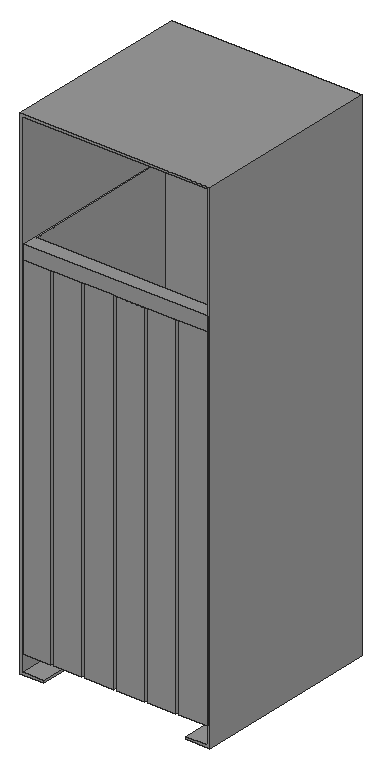
Revit family "56508 Урна «Союз» Хоббика", category Антураж, Revit 2018
Family settings
  На основе рабочей плоскости = Нет
  Всегда вертикально = Да
  При загрузке вырезать с полостями = Нет
  Источник визуального образа = Геометрия семейства
  Общий = Нет
  Точка расчета площади = Нет
Parameters (values of type "Урна «Союз»")
  Ширина = 400 mm  # constant formula
  Цвет отделки = Дерево
  Цвет каркаса = Сталь
  Описание = "Урна «Союз»"  # constant formula
  Материал изделия = "Сталь, дерево"  # constant formula
  Изображение типоразмера = Урна «Союз» Арт 56508.jpg
  Изготовитель = "ООО «Хоббика»"  # constant formula
  Длина = 400 mm  # constant formula
  Группа модели = "Уличные урны"  # constant formula
  Высота = 1060 mm  # constant formula
  Артикул товара = "Арт. 56508"  # constant formula
  URL = "https://hobbyka.ru/product/urna_soyuz"
Reference planes
  plane 1 "По центру (Вперед/Назад)": y = 0
  plane 2: z = 0
  plane 3 "По центру (Влево/Вправо)": x = 0
  plane 4: y = 400
  plane 5: x = 400
  plane 6: z = 1060
Forms (mm)
  Extrusion 1, solid, material "Сталь" <- "Цвет каркаса"
    sketch origin (0, 0, 0) x (1, 0, 0) y (0, 0, 1)
      loop
        line (0, 1060) -> (0, 0) -> (50, 0) -> (50, 5) -> (5, 5) -> (5, 1055) -> (395, 1055) -> (395, 5) -> (350, 5) -> (350, 0) -> (400, 0) -> (400, 1060) -> (0, 1060)
    from 0 to -400
  Extrusion 2, solid, material "Сталь" <- "Цвет каркаса"
    sketch origin (0, 0, 0) x (1, 0, 0) y (0, 1, 0)
      loop
        line (5, 375) -> (5, 25) -> (395, 25) -> (395, 375) -> (5, 375)
      loop
        line (10, 370) -> (10, 30) -> (390, 30) -> (390, 370) -> (10, 370)
    from 40 to 815
  Extrusion 3, solid, material "Сталь" <- "Цвет каркаса"
    sketch origin (0, 0, 0) x (1, 0, 0) y (0, 1, 0)
      loop
        line (5, 375) -> (395, 375) -> (395, 400) -> (5, 400) -> (5, 375)
      loop
        line (5, 25) -> (5, 0) -> (395, 0) -> (395, 25) -> (5, 25)
    from 785 to 815
  Extrusion 4, solid, material "Сталь" <- "Цвет каркаса"
    sketch origin (0, 0, 0) x (1, 0, 0) y (0, 1, 0)
      loop
        line (10, 370) -> (10, 30) -> (390, 30) -> (390, 370) -> (10, 370)
    from 40 to 45
  Extrusion 5, solid, material "Дерево" <- "Цвет отделки"
    sketch origin (0, 0, 0) x (1, 0, 0) y (0, 1, 0)
      loop
        line (5, 400) -> (5, 375) -> (65, 375) -> (65, 400) -> (5, 400)
      loop
        line (5, 25) -> (5, 0) -> (65, 0) -> (65, 25) -> (5, 25)
    from 40 to 785
  Extrusion 6, solid, material "Дерево" <- "Цвет отделки"
    sketch origin (330, 0, 0) x (1, 0, 0) y (0, 1, 0)
      loop
        line (5, 400) -> (5, 375) -> (65, 375) -> (65, 400) -> (5, 400)
      loop
        line (5, 25) -> (5, 0) -> (65, 0) -> (65, 25) -> (5, 25)
    from 40 to 785
  Extrusion 7, solid, material "Дерево" <- "Цвет отделки"
    sketch origin (66, 0, 0) x (1, 0, 0) y (0, 1, 0)
      loop
        line (5, 400) -> (5, 375) -> (65, 375) -> (65, 400) -> (5, 400)
      loop
        line (5, 25) -> (5, 0) -> (65, 0) -> (65, 25) -> (5, 25)
    from 40 to 785
  Extrusion 8, solid, material "Дерево" <- "Цвет отделки"
    sketch origin (132, 0, 0) x (1, 0, 0) y (0, 1, 0)
      loop
        line (5, 400) -> (5, 375) -> (65, 375) -> (65, 400) -> (5, 400)
      loop
        line (5, 25) -> (5, 0) -> (65, 0) -> (65, 25) -> (5, 25)
    from 40 to 785
  Extrusion 9, solid, material "Дерево" <- "Цвет отделки"
    sketch origin (198, 0, 0) x (1, 0, 0) y (0, 1, 0)
      loop
        line (5, 400) -> (5, 375) -> (65, 375) -> (65, 400) -> (5, 400)
      loop
        line (5, 25) -> (5, 0) -> (65, 0) -> (65, 25) -> (5, 25)
    from 40 to 785
  Extrusion 10, solid, material "Дерево" <- "Цвет отделки"
    sketch origin (264, 0, 0) x (1, 0, 0) y (0, 1, 0)
      loop
        line (5, 400) -> (5, 375) -> (65, 375) -> (65, 400) -> (5, 400)
      loop
        line (5, 25) -> (5, 0) -> (65, 0) -> (65, 25) -> (5, 25)
    from 40 to 785
Cuts and joins
  joined: Extrusion 2, Extrusion 3
Dimensions and locks
  "Ширина": plane 4 to plane 1 "По центру (Вперед/Назад)"
  "Длина": plane 5 to plane 3 "По центру (Влево/Вправо)"
  "Высота": plane 6 to plane 2
  equal spacing: group 1, group 3, group 4, group 5, group 6, group 2  (x3)
  aligned and locked: level to plane 2
Automatic sketch dimensions
  Extrusion 1 sketch curve to plane 3 "По центру (Влево/Вправо)" = 0 mm
  Extrusion 1 sketch curve to level = 0 mm  (x2)
  Extrusion 1 sketch curve to plane 5 = 0 mm
  Extrusion 1 sketch curve to plane 6 = 0 mm
  plane 3 "По центру (Влево/Вправо)" to Extrusion 1 sketch curve = 5 mm
  Extrusion 1 sketch curve to plane 5 = 5 mm
  Extrusion 1 sketch curve to plane 6 = 5 mm
  Extrusion 1 sketch curve to Extrusion 1 sketch curve = 45 mm  (x2)
  level to Extrusion 1 sketch curve = 5 mm  (x2)
  Extrusion 2 sketch curve to plane 1 "По центру (Вперед/Назад)" = 25 mm
  Extrusion 2 sketch curve to plane 4 = 25 mm
  plane 3 "По центру (Влево/Вправо)" to Extrusion 2 sketch curve = 5 mm
  Extrusion 2 sketch curve to plane 5 = 5 mm
  Extrusion 2 sketch curve to Extrusion 2 sketch curve = 5 mm  (x4)
  plane 1 "По центру (Вперед/Назад)" to Extrusion 3 sketch curve = 0 mm
  Extrusion 3 sketch curve to plane 4 = 0 mm
  plane 3 "По центру (Влево/Вправо)" to Extrusion 3 sketch curve = 5 mm  (x2)
  Extrusion 3 sketch curve to plane 5 = 5 mm  (x2)
  Extrusion 3 sketch curve to plane 1 "По центру (Вперед/Назад)" = 25 mm
  Extrusion 3 sketch curve to plane 4 = 25 mm
  plane 3 "По центру (Влево/Вправо)" to Extrusion 4 sketch curve = 10 mm
  Extrusion 4 sketch curve to plane 5 = 10 mm
  Extrusion 4 sketch curve to plane 1 "По центру (Вперед/Назад)" = 30 mm
  Extrusion 4 sketch curve to plane 4 = 30 mm
  Extrusion 5 sketch curve to Extrusion 5 sketch curve = 60 mm  (x2)
  Extrusion 5 sketch curve to Extrusion 5 sketch curve = 25 mm  (x2)
  Extrusion 5 sketch curve to Extrusion 5 sketch curve = 0 mm
  Extrusion 5 sketch curve to Extrusion 5 sketch curve = 350 mm
  Extrusion 6 sketch curve to Extrusion 6 sketch curve = 60 mm  (x2)
  Extrusion 6 sketch curve to Extrusion 6 sketch curve = 25 mm  (x2)
  Extrusion 6 sketch curve to Extrusion 6 sketch curve = 0 mm
  Extrusion 6 sketch curve to Extrusion 6 sketch curve = 350 mm
  Extrusion 7 sketch curve to Extrusion 7 sketch curve = 60 mm  (x2)
  Extrusion 7 sketch curve to Extrusion 7 sketch curve = 25 mm  (x2)
  Extrusion 7 sketch curve to Extrusion 7 sketch curve = 0 mm
  Extrusion 7 sketch curve to Extrusion 7 sketch curve = 350 mm
  Extrusion 8 sketch curve to Extrusion 8 sketch curve = 60 mm  (x2)
  Extrusion 8 sketch curve to Extrusion 8 sketch curve = 25 mm  (x2)
  Extrusion 8 sketch curve to Extrusion 8 sketch curve = 0 mm
  Extrusion 8 sketch curve to Extrusion 8 sketch curve = 350 mm
  Extrusion 9 sketch curve to Extrusion 9 sketch curve = 60 mm  (x2)
  Extrusion 9 sketch curve to Extrusion 9 sketch curve = 25 mm  (x2)
  Extrusion 9 sketch curve to Extrusion 9 sketch curve = 0 mm
  Extrusion 9 sketch curve to Extrusion 9 sketch curve = 350 mm
  Extrusion 10 sketch curve to Extrusion 10 sketch curve = 60 mm  (x2)
  Extrusion 10 sketch curve to Extrusion 10 sketch curve = 25 mm  (x2)
  Extrusion 10 sketch curve to Extrusion 10 sketch curve = 0 mm
  Extrusion 10 sketch curve to Extrusion 10 sketch curve = 350 mm
